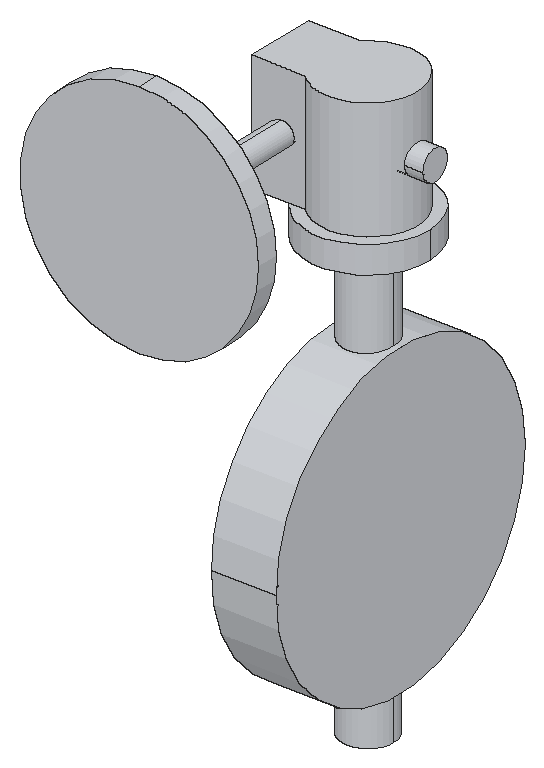
Revit family "HS497-68_disk-nerez_převodové kolo DN250-RFA_2019", category Pipe Accessories, Revit 2019
Family settings
  Round Connector Dimension = Use Diameter
  Part Type = Valve - Breaks Into
  Work Plane-Based = No
  Always vertical = Yes
  Cut with Voids When Loaded = No
  Shared = No
Parameters (values of type "HS 497-68_DN250_PN16_převodové kolo")
  magiProductId = "5ee9016806664ddfaa2632711f295c"
  magiProductFamilyId = "53cea81e6f374d17b8841d9c72ad77"
  magiPartTypeId = 305
  isMeasuringValve [instance] = no
  ang2D [instance] = 0.00°
  X11 = 88.77 mm
  X1 = 36.77 mm
  W2D = 1000 mm
  VersionID = "2.0/2017.9.26.1/ZETKAMA_497_001"
  Use Minimum Symbol Size [instance] = yes
  URL = "http://www.hydronic.cz"
  Type Comments = "mezipřírubová; nerezový disk; PN16; -10~+110°C (krátkodobě +120°C)"
  SW30 = yes
  SW3 = yes
  SW21 = no
  SW20 = no
  SW2 = no
  SW1 = no
  R = 125 mm
  QmdConnectorList = "301;D;302;D"
  Productdata [instance] = ""
  NC = 70 mm
  Manufacturer = "Hydronic Systems Prague s.r.o."
  MM20 = 36.77 mm
  MC Product Code = "126 250 (nerezový disk, s převodovým kolem; DN250; PN16, kvs4555)"
  M41 = 91.5 mm
  M4 = 61 mm
  LHL = 220 mm
  LHH3 = 2.45 mm
  LHH1 = 46.55 mm
  LH1 = 73.333 mm
  L4R__ve = -L4R  # -22.2 mm
  L4R = 22.2 mm
  L42__ve = -L42  # -166.5 mm
  L42 = 166.5 mm
  L41__ve = -L41  # -33.3 mm
  L41 = 33.3 mm
  L2D_Min = 3048 mm
  L2D = 216 mm
  L2 = 34 mm
  L1 = 54.4 mm
  L = 68 mm
  H = 23 mm
  G22 = 11.25 mm
  G2 = 22.5 mm
  G1 = 90 mm
  G = 130 mm
  F = 22 mm
  E44 = 62.5 mm
  E42 = 125 mm
  E4 = 250 mm
  E23 = 4.9 mm
  E22 = 19.6 mm
  E21 = 9.8 mm
  Description = "Mezipřírubová uzavírací klapka s převodovým kolem; nerezový disk, DN250; PN16; kvs4555"
  DR2 = 125 mm
  DR = 324 mm
  DD1 = 31.25 mm
  DD = 25 mm
  D = 250 mm
  CAT0 = yes
  B2__ve = -B2  # -85 mm
  B2 = 85 mm
  A2 = 28.25 mm
  A1 = 129.25 mm
Types (43, lengths in mm): name | magiProductId | X11 | X1 | Type Comments | SW30 | SW3 | SW20 | SW2 | SW1 | R | NC | Manufacturer | MM20 | MC Product Code | M41 | M4 | LHL | LHH3 | LHH1 | LH1 | L4R__ve | L4R | L42__ve | L42 | L41__ve | L41 | L2 | L1 | L | H | G | F | E44 | E42 | E4 | E23 | E22 | E21 | Description | DR2 | DR | DD1 | DD | D | B2__ve | B2 | A2 | A1
  HS 497-68_DN100_PN16_volné vřeteno | "65d1b245f4f142c78569c0602d5754" | 61.456 | 25.456 | "mezipřírubová; nerezový disk; PN16; -10~+110°C (krátkodobě +120°C)" | no | no | no | no | yes | 50 | 50 | "Hydronic Systems Prague s.r.o." | 25.456 | "124 100 (nerezový disk, s volným vřetenem; DN100; PN16, kvs512)" | 66 | 44 | 220 | 2.45 | 46.55 | 73.333 | -12.8 | 12.8 | -96 | 96 | -19.2 | 19.2 | 26 | 41.6 | 52 | 30 | 90 | 11 | 31.25 | 62.5 | 125 | 4.9 | 19.6 | 9.8 | "Mezipřírubová uzavírací klapka s volným vřetenem; nerezový disk, DN100; PN16; kvs512" | 50 | 147 | 15.625 | 12.5 | 100 | -56 | 56 | 16.5 | 98.5
  HS 497-68_DN100_PN16_převodové kolo | "11e91b807e674d428c8e796fcdcfe2" | 61.456 | 25.456 | "mezipřírubová; nerezový disk; PN16; -10~+110°C (krátkodobě +120°C)" | yes | yes | no | no | no | 50 | 50 | "Hydronic Systems Prague s.r.o." | 25.456 | "126 100 (nerezový disk, s převodovým kolem; DN100; PN16, kvs512)" | 65.25 | 43.5 | 220 | 2.45 | 46.55 | 73.333 | -12.8 | 12.8 | -96 | 96 | -19.2 | 19.2 | 26 | 41.6 | 52 | 30 | 90 | 11 | 31.25 | 62.5 | 125 | 4.9 | 19.6 | 9.8 | "Mezipřírubová uzavírací klapka s převodovým kolem; nerezový disk, DN100; PN16; kvs512" | 50 | 147 | 15.625 | 12.5 | 100 | -56 | 56 | 16.5 | 98.5
  HS 497-68_DN100_PN16_s pákou | "28172f0b3f4b47b28323ac71cf8749" | 61.456 | 25.456 | "mezipřírubová; nerezový disk; PN16; -10~+110°C (krátkodobě +120°C)" | no | no | yes | yes | no | 50 | 50 | "Hydronic Systems Prague s.r.o." | 25.456 | "121 100 (nerezový disk, s pákou; DN100; PN16, kvs512)" | 66 | 44 | 260 | 3 | 57 | 86.667 | -12.8 | 12.8 | -96 | 96 | -19.2 | 19.2 | 26 | 41.6 | 52 | 30 | 90 | 11 | 31.25 | 62.5 | 125 | 6 | 24 | 12 | "Mezipřírubová uzavírací klapka s pákou; nerezový disk, DN100; PN16; kvs512" | 50 | 147 | 15.625 | 12.5 | 100 | -56 | 56 | 16.5 | 98.5
  HS 497-68_DN125_PN16_volné vřeteno | "0d813d910fc14f628bb3c2efbd185c" | 61.456 | 25.456 | "mezipřírubová; nerezový disk; PN16; -10~+110°C (krátkodobě +120°C)" | no | no | no | no | yes | 62.5 | 50 | "Hydronic Systems Prague s.r.o." | 25.456 | "124 125 (nerezový disk, s volným vřetenem; DN125; PN16, kvs872)" | 66 | 44 | 220 | 2.45 | 46.55 | 73.333 | -12.8 | 12.8 | -96 | 96 | -19.2 | 19.2 | 28 | 44.8 | 56 | 33 | 90 | 14 | 31.25 | 62.5 | 125 | 4.9 | 19.6 | 9.8 | "Mezipřírubová uzavírací klapka s volným vřetenem; nerezový disk, DN125; PN16; kvs872" | 62.5 | 180 | 15.625 | 12.5 | 125 | -64 | 64 | 18 | 99.5
  HS 497-68_DN125_PN16_převodové kolo | "c56b7c13f372467684996fb1e0e229" | 61.456 | 25.456 | "mezipřírubová; nerezový disk; PN16; -10~+110°C (krátkodobě +120°C)" | yes | yes | no | no | no | 62.5 | 50 | "Hydronic Systems Prague s.r.o." | 25.456 | "126125 (nerezový disk, s převodovým kolem; DN125; PN16, kvs872)" | 65.25 | 43.5 | 220 | 2.45 | 46.55 | 73.333 | -13.5 | 13.5 | -101.25 | 101.25 | -20.25 | 20.25 | 28 | 44.8 | 56 | 33 | 90 | 14 | 40 | 80 | 160 | 4.9 | 19.6 | 9.8 | "Mezipřírubová uzavírací klapka s převodovým kolem; nerezový disk, DN125; PN16; kvs872" | 62.5 | 180 | 20 | 16 | 125 | -64 | 64 | 18 | 99.5
  HS 497-68_DN125_PN16_s pákou | "105993c79a91492399feef7931321a" | 61.456 | 25.456 | "mezipřírubová; nerezový disk; PN16; -10~+110°C (krátkodobě +120°C)" | no | no | yes | yes | no | 62.5 | 50 | "Hydronic Systems Prague s.r.o." | 25.456 | "121 125 (nerezový disk, s pákou; DN125; PN16, kvs872)" | 66 | 44 | 315 | 3.75 | 71.25 | 105 | -12.8 | 12.8 | -96 | 96 | -19.2 | 19.2 | 28 | 44.8 | 56 | 33 | 90 | 14 | 31.25 | 62.5 | 125 | 7.5 | 30 | 15 | "Mezipřírubová uzavírací klapka s pákou; nerezový disk, DN125; PN16; kvs872" | 62.5 | 180 | 15.625 | 12.5 | 125 | -64 | 64 | 18 | 99.5
  HS 497-68_DN150_PN16_volné vřeteno | "50c80cb8ab434f55ab7796e5ac1331" | 61.456 | 25.456 | "mezipřírubová; nerezový disk; PN16; -10~+110°C (krátkodobě +120°C)" | no | no | no | no | yes | 75 | 50 | "Hydronic Systems Prague s.r.o." | 25.456 | "124 150 (nerezový disk, s volným vřetenem; DN150; PN16, kvs1347)" | 66 | 44 | 220 | 2.45 | 46.55 | 73.333 | -12.8 | 12.8 | -96 | 96 | -19.2 | 19.2 | 28 | 44.8 | 56 | 33 | 90 | 14 | 31.25 | 62.5 | 125 | 4.9 | 19.6 | 9.8 | "Mezipřírubová uzavírací klapka s volným vřetenem; nerezový disk, DN150; PN16; kvs1347" | 75 | 206 | 15.625 | 12.5 | 150 | -58 | 58 | 19.3 | 98.7
  HS 497-68_DN150_PN16_převodové kolo | "d94a1a0cf83b476eb10011b327f709" | 61.456 | 25.456 | "mezipřírubová; nerezový disk; PN16; -10~+110°C (krátkodobě +120°C)" | yes | yes | no | no | no | 75 | 50 | "Hydronic Systems Prague s.r.o." | 25.456 | "126 150 (nerezový disk, s převodovým kolem; DN150; PN16, kvs1347)" | 65.25 | 43.5 | 220 | 2.45 | 46.55 | 73.333 | -13.5 | 13.5 | -101.25 | 101.25 | -20.25 | 20.25 | 28 | 44.8 | 56 | 33 | 90 | 14 | 40 | 80 | 160 | 4.9 | 19.6 | 9.8 | "Mezipřírubová uzavírací klapka s převodovým kolem; nerezový disk, DN150; PN16; kvs1347" | 75 | 206 | 20 | 16 | 150 | -58 | 58 | 19.3 | 98.7
  HS 497-68_DN150_PN16_s pákou | "4d2835523fe84828bc50ff0a5a0dfb" | 61.456 | 25.456 | "mezipřírubová; nerezový disk; PN16; -10~+110°C (krátkodobě +120°C)" | no | no | yes | yes | no | 75 | 50 | "Hydronic Systems Prague s.r.o." | 25.456 | "121 150 (nerezový disk, s pákou; DN150; PN16, kvs1347)" | 66 | 44 | 315 | 3.75 | 71.25 | 105 | -12.8 | 12.8 | -96 | 96 | -19.2 | 19.2 | 28 | 44.8 | 56 | 33 | 90 | 14 | 31.25 | 62.5 | 125 | 7.5 | 30 | 15 | "Mezipřírubová uzavírací klapka s pákou; nerezový disk, DN150; PN16; kvs1347" | 75 | 206 | 15.625 | 12.5 | 150 | -58 | 58 | 19.3 | 98.7
  HS 497-68_DN200_PN16_volné vřeteno | "5b29029eaeba47139ee1055a4b9201" | 61.456 | 25.456 | "mezipřírubová; nerezový disk; PN16; -10~+110°C (krátkodobě +120°C)" | no | no | no | no | yes | 100 | 50 | "Hydronic Systems Prague s.r.o." | 25.456 | "124 200 (nerezový disk, s volným vřetenem; DN200; PN16, kvs2675)" | 66 | 44 | 220 | 2.45 | 46.55 | 73.333 | -12.8 | 12.8 | -96 | 96 | -19.2 | 19.2 | 30 | 48 | 60 | 33 | 90 | 17 | 31.25 | 62.5 | 125 | 4.9 | 19.6 | 9.8 | "Mezipřírubová uzavírací klapka s volným vřetenem; nerezový disk, DN200; PN16; kvs2675" | 100 | 257 | 15.625 | 12.5 | 200 | -70 | 70 | 22.5 | 102.5
  HS 497-68_DN200_PN16_převodové kolo | "b2793cc1fcc44cf2a35062cd67c04f" | 61.456 | 25.456 | "mezipřírubová; nerezový disk; PN16; -10~+110°C (krátkodobě +120°C)" | yes | yes | no | no | no | 100 | 57 | "Hydronic Systems Prague s.r.o." | 25.456 | "126 200 (nerezový disk, s převodovým kolem; DN200; PN16, kvs2675)" | 78.75 | 52.5 | 220 | 2.45 | 46.55 | 73.333 | -15.2 | 15.2 | -114 | 114 | -22.8 | 22.8 | 30 | 48 | 60 | 33 | 90 | 17 | 50 | 100 | 200 | 4.9 | 19.6 | 9.8 | "Mezipřírubová uzavírací klapka s převodovým kolem; nerezový disk, DN200; PN16; kvs2675" | 100 | 257 | 25 | 20 | 200 | -70 | 70 | 22.5 | 102.5
  HS 497-68_DN200_PN16_s pákou | "f88d96c7af224537a51e72d7d8fffe" | 61.456 | 25.456 | "mezipřírubová; nerezový disk; PN16; -10~+110°C (krátkodobě +120°C)" | no | no | yes | yes | no | 100 | 50 | "Hydronic Systems Prague s.r.o." | 25.456 | "121 200 (nerezový disk, s pákou; DN200; PN16, kvs2675)" | 66 | 44 | 315 | 3.75 | 71.25 | 105 | -12.8 | 12.8 | -96 | 96 | -19.2 | 19.2 | 30 | 48 | 60 | 33 | 90 | 17 | 31.25 | 62.5 | 125 | 7.5 | 30 | 15 | "Mezipřírubová uzavírací klapka s pákou; nerezový disk, DN200; PN16; kvs2675" | 100 | 257 | 15.625 | 12.5 | 200 | -70 | 70 | 22.5 | 102.5
  HS 497-68_DN250_PN16_volné vřeteno | "b662e8305ca2402b9c510e66e6aa55" | 88.77 | 36.77 | "mezipřírubová; nerezový disk; PN16; -10~+110°C (krátkodobě +120°C)" | no | no | no | no | yes | 125 | 50 | "Hydronic Systems Prague s.r.o." | 36.77 | "124 250 (nerezový disk, s volným vřetenem; DN250; PN16, kvs4555)" | 66 | 44 | 220 | 2.45 | 46.55 | 73.333 | -12.8 | 12.8 | -96 | 96 | -19.2 | 19.2 | 34 | 54.4 | 68 | 23 | 130 | 22 | 31.25 | 62.5 | 125 | 4.9 | 19.6 | 9.8 | "Mezipřírubová uzavírací klapka s volným vřetenem; nerezový disk, DN250; PN16; kvs4555" | 125 | 324 | 15.625 | 12.5 | 250 | -85 | 85 | 28.25 | 129.25
  HS 497-68_DN250_PN16_převodové kolo | "5ee9016806664ddfaa2632711f295c" | 88.77 | 36.77 | "mezipřírubová; nerezový disk; PN16; -10~+110°C (krátkodobě +120°C)" | yes | yes | no | no | no | 125 | 70 | "Hydronic Systems Prague s.r.o." | 36.77 | "126 250 (nerezový disk, s převodovým kolem; DN250; PN16, kvs4555)" | 91.5 | 61 | 220 | 2.45 | 46.55 | 73.333 | -22.2 | 22.2 | -166.5 | 166.5 | -33.3 | 33.3 | 34 | 54.4 | 68 | 23 | 130 | 22 | 62.5 | 125 | 250 | 4.9 | 19.6 | 9.8 | "Mezipřírubová uzavírací klapka s převodovým kolem; nerezový disk, DN250; PN16; kvs4555" | 125 | 324 | 31.25 | 25 | 250 | -85 | 85 | 28.25 | 129.25
  HS 497-68_DN300_PN16_volné vřeteno | "e1886f51ff004380a649519258edf2" | 88.77 | 36.77 | "mezipřírubová; nerezový disk; PN16; -10~+110°C (krátkodobě +120°C)" | no | no | no | no | yes | 150 | 50 | "Hydronic Systems Prague s.r.o." | 36.77 | "124 300 (nerezový disk, s volným vřetenem; DN300; PN16, kvs7037)" | 66 | 44 | 220 | 2.45 | 46.55 | 73.333 | -12.8 | 12.8 | -96 | 96 | -19.2 | 19.2 | 39 | 62.4 | 78 | 23 | 130 | 22 | 31.25 | 62.5 | 125 | 4.9 | 19.6 | 9.8 | "Mezipřírubová uzavírací klapka s volným vřetenem; nerezový disk, DN300; PN16; kvs7037" | 150 | 376 | 15.625 | 12.5 | 300 | -90 | 90 | 30.8 | 127.2
  HS 497-68_DN300_PN16_převodové kolo | "6860f094f77d42088fbebc3c97f755" | 88.77 | 36.77 | "mezipřírubová; nerezový disk; PN16; -10~+110°C (krátkodobě +120°C)" | yes | yes | no | no | no | 150 | 70 | "Hydronic Systems Prague s.r.o." | 36.77 | "126 300 (nerezový disk, s převodovým kolem; DN300; PN16, kvs7037)" | 91.5 | 61 | 220 | 2.45 | 46.55 | 73.333 | -22.2 | 22.2 | -166.5 | 166.5 | -33.3 | 33.3 | 39 | 62.4 | 78 | 23 | 130 | 22 | 62.5 | 125 | 250 | 4.9 | 19.6 | 9.8 | "Mezipřírubová uzavírací klapka s převodovým kolem; nerezový disk, DN300; PN16; kvs7037" | 150 | 376 | 31.25 | 25 | 300 | -90 | 90 | 30.8 | 127.2
  HS 497-68_DN032_PN16_volné vřeteno | "8c5f65de52aa4067a77564107e31b2" | 61.456 | 25.456 | "mezipřírubová; nerezový disk; PN16; -10~+110°C (krátkodobě +120°C)" | no | no | no | no | yes | 16 | 50 | "Hydronic Systems Prague s.r.o." | 25.456 | "124 032 (nerezový disk, s volným vřetenem; DN32; PN16, kvs78)" | 66 | 44 | 220 | 2.45 | 46.55 | 73.333 | -12.8 | 12.8 | -96 | 96 | -19.2 | 19.2 | 16.5 | 26.4 | 33 | 30 | 90 | 11 | 31.25 | 62.5 | 125 | 4.9 | 19.6 | 9.8 | "Mezipřírubová uzavírací klapka s volným vřetenem; nerezový disk, DN32; PN16; kvs78" | 16 | 68 | 15.625 | 12.5 | 32 | -44.2 | 44.2 | 10.25 | 76.25
  HS 497-68_DN032_PN16_převodové kolo | "60aaeffa8b3a4e809ef000e4660060" | 61.456 | 25.456 | "mezipřírubová; nerezový disk; PN16; -10~+110°C (krátkodobě +120°C)" | yes | yes | no | no | no | 16 | 50 | "Hydronic Systems Prague s.r.o." | 25.456 | "126 032 (nerezový disk, s převodovým kolem; DN32; PN16, kvs78)" | 65.25 | 43.5 | 220 | 2.45 | 46.55 | 73.333 | -12.8 | 12.8 | -96 | 96 | -19.2 | 19.2 | 16.5 | 26.4 | 33 | 30 | 90 | 11 | 31.25 | 62.5 | 125 | 4.9 | 19.6 | 9.8 | "Mezipřírubová uzavírací klapka s převodovým kolem; nerezový disk, DN32; PN16; kvs78" | 16 | 68 | 15.625 | 12.5 | 32 | -44.2 | 44.2 | 10.25 | 76.25
  HS 497-68_DN032_PN16_s pákou | "9ad8088d610749a1b871aa2aad8007" | 61.456 | 25.456 | "mezipřírubová; nerezový disk; PN16; -10~+110°C (krátkodobě +120°C)" | no | no | yes | yes | no | 16 | 50 | "Hydronic Systems Prague s.r.o." | 25.456 | "121 032 (nerezový disk, s pákou; DN32; PN16, kvs78)" | 66 | 44 | 220 | 2.45 | 46.55 | 73.333 | -12.8 | 12.8 | -96 | 96 | -19.2 | 19.2 | 16.5 | 26.4 | 33 | 30 | 90 | 11 | 31.25 | 62.5 | 125 | 4.9 | 19.6 | 9.8 | "Mezipřírubová uzavírací klapka s pákou; nerezový disk, DN32; PN16; kvs78" | 16 | 68 | 15.625 | 12.5 | 32 | -44.2 | 44.2 | 10.25 | 76.25
  HS 497-68_DN350_PN10_volné vřeteno | "72a1e05f22944421b7e9596a877137" | 109.255 | 45.255 | "mezipřírubová; nerezový disk; PN10; -10~+110°C (krátkodobě +120°C)" | no | no | no | no | yes | 175 | 50 | "Hydronic Systems Prague s.r.o." | 45.255 | "124 350 (nerezový disk, s volným vřetenem; DN350; PN10, kvs10165)" | 66 | 44 | 220 | 2.45 | 46.55 | 73.333 | -12.8 | 12.8 | -96 | 96 | -19.2 | 19.2 | 39 | 62.4 | 78 | 31 | 160 | 22 | 31.25 | 62.5 | 125 | 4.9 | 19.6 | 9.8 | "Mezipřírubová uzavírací klapka s volným vřetenem; nerezový disk, DN350; PN10; kvs10165" | 175 | 430 | 15.625 | 12.5 | 350 | -88 | 88 | 33.85 | 129.65
  HS 497-68_DN350_PN10_převodové kolo | "a5a01426cb28494ba3afca92f1dace" | 109.255 | 45.255 | "mezipřírubová; nerezový disk; PN10; -10~+110°C (krátkodobě +120°C)" | yes | yes | no | no | no | 175 | 70 | "Hydronic Systems Prague s.r.o." | 45.255 | "126 350 (nerezový disk, s převodovým kolem; DN350; PN10, kvs10165)" | 91.5 | 61 | 220 | 2.45 | 46.55 | 73.333 | -22.2 | 22.2 | -166.5 | 166.5 | -33.3 | 33.3 | 39 | 62.4 | 78 | 31 | 160 | 22 | 62.5 | 125 | 250 | 4.9 | 19.6 | 9.8 | "Mezipřírubová uzavírací klapka s převodovým kolem; nerezový disk, DN350; PN10; kvs10165" | 175 | 430 | 31.25 | 25 | 350 | -88 | 88 | 33.85 | 129.65
  HS 497-68_DN400_PN10_volné vřeteno | "c70ebeb927c04ab99b176e257ad0a7" | 109.255 | 45.255 | "mezipřírubová; nerezový disk; PN10; -10~+110°C (krátkodobě +120°C)" | no | no | no | no | yes | 200 | 50 | "Hydronic Systems Prague s.r.o." | 45.255 | "124 400 (nerezový disk, s volným vřetenem; DN400; PN10, kvs13799)" | 66 | 44 | 220 | 2.45 | 46.55 | 73.333 | -12.8 | 12.8 | -96 | 96 | -19.2 | 19.2 | 51 | 81.6 | 102 | 31 | 160 | 27 | 31.25 | 62.5 | 125 | 4.9 | 19.6 | 9.8 | "Mezipřírubová uzavírací klapka s volným vřetenem; nerezový disk, DN400; PN10; kvs13799" | 200 | 485 | 15.625 | 12.5 | 400 | -108 | 108 | 38 | 142
  HS 497-68_DN400_PN10_převodové kolo | "cc64a4384dcb41b780d81810f4f293" | 109.255 | 45.255 | "mezipřírubová; nerezový disk; PN10; -10~+110°C (krátkodobě +120°C)" | yes | yes | no | no | no | 200 | 72.5 | "Hydronic Systems Prague s.r.o." | 45.255 | "126 400 (nerezový disk, s převodovým kolem; DN400; PN10, kvs13799)" | 103.5 | 69 | 220 | 2.45 | 46.55 | 73.333 | -27.8 | 27.8 | -208.5 | 208.5 | -41.7 | 41.7 | 51 | 81.6 | 102 | 31 | 160 | 27 | 75 | 150 | 300 | 4.9 | 19.6 | 9.8 | "Mezipřírubová uzavírací klapka s převodovým kolem; nerezový disk, DN400; PN10; kvs13799" | 200 | 485 | 37.5 | 30 | 400 | -108 | 108 | 38 | 142
  HS 497-68_DN040_PN16_volné vřeteno | "35f92312390745e88df5b5c325d9ee" | 61.456 | 25.456 | "mezipřírubová; nerezový disk; PN16; -10~+110°C (krátkodobě +120°C)" | no | no | no | no | yes | 20 | 50 | "Hydronic Systems Prague s.r.o." | 25.456 | "124 040 (nerezový disk, s volným vřetenem; DN40; PN16, kvs78)" | 66 | 44 | 220 | 2.45 | 46.55 | 73.333 | -12.8 | 12.8 | -96 | 96 | -19.2 | 19.2 | 16.5 | 26.4 | 33 | 30 | 90 | 11 | 31.25 | 62.5 | 125 | 4.9 | 19.6 | 9.8 | "Mezipřírubová uzavírací klapka s volným vřetenem; nerezový disk, DN40; PN16; kvs78" | 20 | 76 | 15.625 | 12.5 | 40 | -36 | 36 | 11 | 79
  HS 497-68_DN040_PN16_převodové kolo | "d88e968eae3445bc9b7b4e6ff35127" | 61.456 | 25.456 | "mezipřírubová; nerezový disk; PN16; -10~+110°C (krátkodobě +120°C)" | yes | yes | no | no | no | 20 | 50 | "Hydronic Systems Prague s.r.o." | 25.456 | "126 040 (nerezový disk, s převodovým kolem; DN40; PN16, kvs78)" | 65.25 | 43.5 | 220 | 2.45 | 46.55 | 73.333 | -12.8 | 12.8 | -96 | 96 | -19.2 | 19.2 | 16.5 | 26.4 | 33 | 30 | 90 | 11 | 31.25 | 62.5 | 125 | 4.9 | 19.6 | 9.8 | "Mezipřírubová uzavírací klapka s převodovým kolem; nerezový disk, DN40; PN16; kvs78" | 20 | 76 | 15.625 | 12.5 | 40 | -36 | 36 | 11 | 79
  HS 497-68_DN040_PN16_s pákou | "c1b522ca65b4407a98818f232eaacb" | 61.456 | 25.456 | "mezipřírubová; nerezový disk; PN16; -10~+110°C (krátkodobě +120°C)" | no | no | yes | yes | no | 20 | 50 | "Hydronic Systems Prague s.r.o." | 25.456 | "121 040 (nerezový disk, s pákou; DN40; PN16, kvs78)" | 66 | 44 | 220 | 2.45 | 46.55 | 73.333 | -12.8 | 12.8 | -96 | 96 | -19.2 | 19.2 | 16.5 | 26.4 | 33 | 30 | 90 | 11 | 31.25 | 62.5 | 125 | 4.9 | 19.6 | 9.8 | "Mezipřírubová uzavírací klapka s pákou; nerezový disk, DN40; PN16; kvs78" | 20 | 76 | 15.625 | 12.5 | 40 | -36 | 36 | 11 | 79
  HS 497-68_DN450_PN10_volné vřeteno | "a8358bc282f14872b3194e530e590a" | 129.74 | 53.74 | "mezipřírubová; nerezový disk; PN10; -10~+110°C (krátkodobě +120°C)" | no | no | no | no | yes | 225 | 50 | "Hydronic Systems Prague s.r.o." | 53.74 | "124 450 (nerezový disk, s volným vřetenem; DN450; PN10, kvs18514)" | 66 | 44 | 220 | 2.45 | 46.55 | 73.333 | -12.8 | 12.8 | -96 | 96 | -19.2 | 19.2 | 57 | 91.2 | 114 | 38 | 190 | 36 | 31.25 | 62.5 | 125 | 4.9 | 19.6 | 9.8 | "Mezipřírubová uzavírací klapka s volným vřetenem; nerezový, DN450; PN10; kvs18514" | 225 | 536 | 15.625 | 12.5 | 450 | -115 | 115 | 38.05 | 117.45
  HS 497-68_DN450_PN10_převodové kolo | "cdf2d80f54a9414f9cbe50647c0ebd" | 129.74 | 53.74 | "mezipřírubová; nerezový disk; PN10; -10~+110°C (krátkodobě +120°C)" | yes | yes | no | no | no | 225 | 91.5 | "Zetkama" | 53.74 | "126 450 (nerezový disk, s převodovým kolem; DN450; PN10, kvs18514)" | 144.75 | 96.5 | 220 | 2.45 | 46.55 | 73.333 | -32.1 | 32.1 | -240.75 | 240.75 | -48.15 | 48.15 | 57 | 91.2 | 114 | 38 | 190 | 36 | 100 | 200 | 400 | 4.9 | 19.6 | 9.8 | "Mezipřírubová uzavírací klapka s převodovým kolem; nerezový disk, DN450; PN10; kvs18514" | 225 | 536 | 50 | 40 | 450 | -115 | 115 | 38.05 | 117.45
  HS 497-68_DN500_PN10_volné vřeteno | "8c396e27bb2743f98f3c762b6517cd" | 143.397 | 59.397 | "mezipřírubová; nerezový disk; PN10; -10~+110°C (krátkodobě +120°C)" | no | no | no | no | yes | 250 | 50 | "Hydronic Systems Prague s.r.o." | 59.397 | "124 500 (nerezový disk, s volným vřetenem; DN500; PN10, kvs23805)" | 66 | 44 | 220 | 2.45 | 46.55 | 73.333 | -12.8 | 12.8 | -96 | 96 | -19.2 | 19.2 | 63.5 | 101.6 | 127 | 38 | 210 | 36 | 31.25 | 62.5 | 125 | 4.9 | 19.6 | 9.8 | "Mezipřírubová uzavírací klapka s volným vřetenem; nerezový disk, DN500; PN10; kvs23805" | 250 | 593 | 15.625 | 12.5 | 500 | -130 | 130 | 43.25 | 139.25
  HS 497-68_DN500_PN10_převodové kolo | "7647804f32e94cef828a7034a91a46" | 143.397 | 59.397 | "mezipřírubová; nerezový disk; PN10; -10~+110°C (krátkodobě +120°C)" | yes | yes | no | no | no | 250 | 91.5 | "Zetkama" | 59.397 | "126 500 (nerezový disk, s převodovým kolem; DN500; PN10, kvs23805)" | 144.75 | 96.5 | 220 | 2.45 | 46.55 | 73.333 | -32.1 | 32.1 | -240.75 | 240.75 | -48.15 | 48.15 | 63.5 | 101.6 | 127 | 38 | 210 | 36 | 100 | 200 | 400 | 4.9 | 19.6 | 9.8 | "Mezipřírubová uzavírací klapka s převodovým kolem; nerezový disk, DN500; PN10; kvs23805" | 250 | 593 | 50 | 40 | 500 | -130 | 130 | 43.25 | 139.25
  HS 497-68_DN050_volné vřeteno | "d71f296ecd6d4adf8f6e5d9853b4e0" | 61.456 | 25.456 | "mezipřírubová; nerezový disk; PN16; -10~+110°C (krátkodobě +120°C)" | no | no | no | no | yes | 25 | 50 | "Hydronic Systems Prague s.r.o." | 25.456 | "124 050 (nerezový disk, s volným vřetenem; DN50; PN16, kvs98)" | 66 | 44 | 220 | 2.45 | 46.55 | 73.333 | -12.8 | 12.8 | -96 | 96 | -19.2 | 19.2 | 21.5 | 34.4 | 43 | 30 | 90 | 11 | 31.25 | 62.5 | 125 | 4.9 | 19.6 | 9.8 | "Mezipřírubová uzavírací klapka s volným vřetenem; nerezový disk, DN50; PN16; kvs98" | 25 | 100 | 15.625 | 12.5 | 50 | -36.5 | 36.5 | 12 | 83
  HS 497-68_DN050_PN16_převodové kolo | "2fb080deeaed49c58418b94c1da5a4" | 61.456 | 25.456 | "mezipřírubová; nerezový disk; PN16; -10~+110°C (krátkodobě +120°C)" | yes | yes | no | no | no | 25 | 50 | "Hydronic Systems Prague s.r.o." | 25.456 | "126 050 (nerezový disk, s převodovým kolem; DN50; PN16, kvs98)" | 65.25 | 43.5 | 220 | 2.45 | 46.55 | 73.333 | -12.8 | 12.8 | -96 | 96 | -19.2 | 19.2 | 21.5 | 34.4 | 43 | 30 | 90 | 11 | 31.25 | 62.5 | 125 | 4.9 | 19.6 | 9.8 | "Mezipřírubová uzavírací klapka s převodovým kolem; nerezový disk, DN50; PN16; kvs98" | 25 | 100 | 15.625 | 12.5 | 50 | -36.5 | 36.5 | 12 | 83
  HS 497-68_DN050_PN16_s pákou | "dabc632061f94877a994b9b4e68112" | 61.456 | 25.456 | "mezipřírubová; nerezový disk; PN16; -10~+110°C (krátkodobě +120°C)" | no | no | yes | yes | no | 25 | 50 | "Hydronic Systems Prague s.r.o." | 25.456 | "121 050 (nerezový disk, s pákou; DN50; PN16, kvs98)" | 66 | 44 | 220 | 2.45 | 46.55 | 73.333 | -12.8 | 12.8 | -96 | 96 | -19.2 | 19.2 | 21.5 | 34.4 | 43 | 30 | 90 | 11 | 31.25 | 62.5 | 125 | 4.9 | 19.6 | 9.8 | "Mezipřírubová uzavírací klapka s pákou; nerezový disk, DN50; PN16; kvs98" | 25 | 100 | 15.625 | 12.5 | 50 | -36.5 | 36.5 | 12 | 83
  HS 497-68_DN600_PN10_volné vřeteno | "99d5892c14664fce81a7c5903f7711" | 143.397 | 59.397 | "mezipřírubová; nerezový disk; PN10; -10~+110°C (krátkodobě +120°C)" | no | no | no | no | yes | 300 | 50 | "Hydronic Systems Prague s.r.o." | 59.397 | "124 600 (nerezový disk, s volným vřetenem; DN600; PN10, kvs36778)" | 66 | 44 | 220 | 2.45 | 46.55 | 73.333 | -12.8 | 12.8 | -96 | 96 | -19.2 | 19.2 | 77 | 123.2 | 154 | 80 | 210 | 60 | 31.25 | 62.5 | 125 | 4.9 | 19.6 | 9.8 | "Mezipřírubová uzavírací klapka s volným vřetenem; nerezový disk, DN600; PN10; kvs36788" | 300 | 690 | 15.625 | 12.5 | 600 | -140 | 140 | 49.4 | 144.6
  HS 497-68_DN600_PN10_převodové kolo | "b1e26faab48a4c499f6bb11e7e3002" | 143.397 | 59.397 | "mezipřírubová; lnerezový disk; PN10; -10~+110°C (krátkodobě +120°C)" | yes | yes | no | no | no | 300 | 140 | "Hydronic Systems Prague s.r.o." | 59.397 | "126 600 (nerezový disk, s převodovým kolem; DN600; PN10, kvs36778)" | 206.25 | 137.5 | 220 | 2.45 | 46.55 | 73.333 | -40.8 | 40.8 | -306 | 306 | -61.2 | 61.2 | 77 | 123.2 | 154 | 80 | 210 | 60 | 125 | 250 | 500 | 4.9 | 19.6 | 9.8 | "Mezipřírubová uzavírací klapka s převodovým kolem; nerezový disk, DN600; PN10; kvs36788" | 300 | 690 | 62.5 | 50 | 600 | -140 | 140 | 49.4 | 144.6
  HS 497-68_DN065_PN16_volné vřeteno | "5e5e208646e34ec29f889baab5d08e" | 61.456 | 25.456 | "mezipřírubová; lnerezový disk; PN16; -10~+110°C (krátkodobě +120°C)" | no | no | no | no | yes | 32.5 | 50 | "Hydronic Systems Prague s.r.o." | 25.456 | "124 065 (nerezový disk, s volným vřetenem; DN65; PN16, kvs167)" | 66 | 44 | 220 | 2.45 | 46.55 | 73.333 | -12.8 | 12.8 | -96 | 96 | -19.2 | 19.2 | 23 | 36.8 | 46 | 30 | 90 | 11 | 31.25 | 62.5 | 125 | 4.9 | 19.6 | 9.8 | "Mezipřírubová uzavírací klapka s volným vřetenem; nerezový disk, DN65; PN16; kv167" | 32.5 | 108 | 15.625 | 12.5 | 65 | -36.5 | 36.5 | 13.5 | 89
  HS 497-68_DN065_PN16_převodové kolo | "654d74c8d15540b0bfe523d988ccb3" | 61.456 | 25.456 | "mezipřírubová; nerezový disk; PN16; -10~+110°C (krátkodobě +120°C)" | yes | yes | no | no | no | 32.5 | 50 | "Hydronic Systems Prague s.r.o." | 25.456 | "126 065 (nerezový disk, s převodovým kolem; DN65; PN16, kvs167)" | 65.25 | 43.5 | 220 | 2.45 | 46.55 | 73.333 | -12.8 | 12.8 | -96 | 96 | -19.2 | 19.2 | 23 | 36.8 | 46 | 30 | 90 | 11 | 31.25 | 62.5 | 125 | 4.9 | 19.6 | 9.8 | "Mezipřírubová uzavírací klapka s převodovým kolem; nerezový disk, DN65; PN16; kvs167" | 32.5 | 108 | 15.625 | 12.5 | 65 | -36.5 | 36.5 | 13.5 | 89
  HS 497-68_DN065_PN16_s pákou | "ebeb4b59db0641caaf6d6635ab37b9" | 61.456 | 25.456 | "mezipřírubová; nerezový disk; PN16; -10~+110°C (krátkodobě +120°C)" | no | no | yes | yes | no | 32.5 | 50 | "Hydronic Systems Prague s.r.o." | 25.456 | "121 065 (nerezový disk, s pákou; DN65; PN16, kvs167)" | 66 | 44 | 220 | 2.45 | 46.55 | 73.333 | -12.8 | 12.8 | -96 | 96 | -19.2 | 19.2 | 23 | 36.8 | 46 | 30 | 90 | 11 | 31.25 | 62.5 | 125 | 4.9 | 19.6 | 9.8 | "Mezipřírubová uzavírací klapka s pákou; nerezový disk, DN65; PN16; kvs167" | 32.5 | 108 | 15.625 | 12.5 | 65 | -36.5 | 36.5 | 13.5 | 89
  HS 497-68_DN080_PN16_volné vřeteno | "9e85c75c18654e1185a9c48ed6b00e" | 61.456 | 25.456 | "mezipřírubová; nerezový disk; PN16; -10~+110°C (krátkodobě +120°C)" | no | no | no | no | yes | 40 | 50 | "Hydronic Systems Prague s.r.o." | 25.456 | "124 080 (nerezový disk, s volným vřetenem; DN80; PN16, kvs258)" | 66 | 44 | 220 | 2.45 | 46.55 | 73.333 | -12.8 | 12.8 | -96 | 96 | -19.2 | 19.2 | 23 | 36.8 | 46 | 30 | 90 | 11 | 31.25 | 62.5 | 125 | 4.9 | 19.6 | 9.8 | "Mezipřírubová uzavírací klapka s volným vřetenem; nerezový disk, DN80; PN16; kvs258" | 40 | 124 | 15.625 | 12.5 | 80 | -54 | 54 | 14.1 | 86.9
  HS 497-68_DN080_PN16_převodové kolo | "5b3c8238c3d041e68c75b199e7ea46" | 61.456 | 25.456 | "mezipřírubová; nerezový disk; PN16; -10~+110°C (krátkodobě +120°C)" | yes | yes | no | no | no | 40 | 50 | "Hydronic Systems Prague s.r.o." | 25.456 | "126 080 (nerezový disk, s převodovým kolem; DN80; PN16, kvs258)" | 65.25 | 43.5 | 220 | 2.45 | 46.55 | 73.333 | -12.8 | 12.8 | -96 | 96 | -19.2 | 19.2 | 23 | 36.8 | 46 | 30 | 90 | 11 | 31.25 | 62.5 | 125 | 4.9 | 19.6 | 9.8 | "Mezipřírubová uzavírací klapka s převodovým kolem; nerezový disk, DN80; PN16; kvs258" | 40 | 124 | 15.625 | 12.5 | 80 | -54 | 54 | 14.1 | 86.9
  HS 497-68_DN080_PN16_s pákou | "e414795fab0f4eccb99bc3572c5477" | 61.456 | 25.456 | "mezipřírubová; nerezový disk; PN16; -10~+110°C (krátkodobě +120°C)" | no | no | yes | yes | no | 40 | 50 | "Hydronic Systems Prague s.r.o." | 25.456 | "121 080 (nerezový disk, s pákou; DN80; PN16, kvs258)" | 66 | 44 | 260 | 3 | 57 | 86.667 | -12.8 | 12.8 | -96 | 96 | -19.2 | 19.2 | 23 | 36.8 | 46 | 30 | 90 | 11 | 31.25 | 62.5 | 125 | 6 | 24 | 12 | "Mezipřírubová uzavírací klapka s pákou; nerezový disk, DN80; PN16; kvs258" | 40 | 124 | 15.625 | 12.5 | 80 | -54 | 54 | 14.1 | 86.9
  HS 497-68_DN250_PN16_s pákou | "" | 88.77 | 36.77 | "mezipřírubová; nerezový disk; PN16; -10~+110°C (krátkodobě +120°C)" | no | no | yes | yes | no | 125 | 70 | "Hydronic Systems Prague s.r.o." | 36.77 | "121 250 (nerezový disk, s ákou; DN250; PN16, kvs4555)" | 91.5 | 61 | 220 | 2.45 | 46.55 | 73.333 | -22.2 | 22.2 | -166.5 | 166.5 | -33.3 | 33.3 | 34 | 54.4 | 68 | 23 | 130 | 22 | 62.5 | 125 | 250 | 4.9 | 19.6 | 9.8 | "Mezipřírubová uzavírací klapka s pákou; nerezový disk, DN250; PN16; kvs4555" | 125 | 324 | 31.25 | 25 | 250 | -85 | 85 | 28.25 | 129.25
  HS 497-68_DN300_PN16_s pákou | "" | 88.77 | 36.77 | "mezipřírubová; nerezový disk; PN16; -10~+110°C (krátkodobě +120°C)" | no | no | yes | yes | no | 150 | 70 | "Hydronic Systems Prague s.r.o." | 36.77 | "121 300 (nerezový disk, s pákou; DN300; PN16, kvs7037)" | 91.5 | 61 | 220 | 2.45 | 46.55 | 73.333 | -22.2 | 22.2 | -166.5 | 166.5 | -33.3 | 33.3 | 39 | 62.4 | 78 | 23 | 130 | 22 | 62.5 | 125 | 250 | 4.9 | 19.6 | 9.8 | "Mezipřírubová uzavírací klapka s pákou; nerezový disk, DN300; PN16; kvs7037" | 150 | 376 | 31.25 | 25 | 300 | -90 | 90 | 30.8 | 127.2
Reference planes
  plane 1 "Center (Front/Back)": y = 0
  plane 2 "XYPLANE": z = 0
  plane 3 "Center (Left/Right)": x = 0
  plane 4 "473": x = -36.77
  plane 5 "472": x = -91.5
  plane 6 "471": y = -36.77
  plane 7 "470": y = 36.77
  plane 8 "469": x = -61
  plane 9 "468": y = -199.8
  plane 10 "467": y = -166.5
  plane 11 "466": z = 345
  plane 12 "465": z = 329.05
  plane 13 "464": y = 145.417
  plane 14 "463": z = 319.25
  plane 15 "462": z = 302.1
  plane 16 "461": z = 311.9
  plane 17 "460": y = 72.083
  plane 18 "459": x = -11.25
  plane 19 "458": x = 11.25
  plane 20 "457": y = -6.25
  plane 21 "456": x = -17.5
  plane 22 "455": x = 17.5
  plane 23 "454": z = 316.8
  plane 24 "453": y = 62.083
  plane 25 "452": y = -11.25
  plane 26 "451": x = -22.5
  plane 27 "450": x = 22.5
  plane 28 "449": z = 297.2
  plane 29 "448": z = 292.3
  plane 30 "447": z = -125
  plane 31 "446": z = 282.5
  plane 32 "445": z = 254.25
  plane 33 "444": z = 125
  plane 34 "443": x = 34
  plane 35 "442": x = -34
  plane 36 "441": z = 0
  plane 37 "440": y = 0
  plane 38 "439": x = 0
  plane 39 "438": z = 331.5
  plane 40 "437": z = 316.8
  plane 41 "436": x = 13.7
  plane 42 "435": x = -13.7
  plane 43 "434": y = 220
Forms (mm)
  Extrusion 1, solid, visible <- "SW3"
    sketch origin (-750, 0, 282.5) x (1, 0, 0) y (0, 1, 0)
      loop
        line (658.5, 36.77) -> (658.5, -36.77) -> (713.23, -36.77)
        arc (713.23, -36.77) -> (802, 0) -> (713.23, 36.77) r 52
        line (713.23, 36.77) -> (658.5, 36.77)
    from 0 to 125 <- "E42"
  Extrusion 2, solid, visible <- "SW30"
    sketch origin (0, -750, 0) x (0, 1, 0) y (0, 0, 1)
      loop
        circle (750, 345) r 15.625
    from 0 to 70 <- "NC"
  Extrusion 3, solid, visible <- "SW30"
    sketch origin (750, -199.8, 0) x (-1, 0, 0) y (0, 0, 1)
      loop
        circle (811, 345) r 125
    from 0 to -22.2 <- "L4R__ve"
  Extrusion 4, solid, visible <- "SW3"
    sketch origin (750, -166.5, 0) x (-1, 0, 0) y (0, 0, 1)
      loop
        circle (811, 345) r 15.625
    from 0 to -33.3 <- "L41__ve"
  Extrusion 5, solid, visible <- "SW30"
    sketch origin (750, 0, 0) x (-1, 0, 0) y (0, 0, 1)
      loop
        circle (811, 345) r 12.5
    from 0 to -166.5 <- "L42__ve"
  Blend 6, solid, visible <- "SW21"
    base sketch origin (750, 72.083, 0) x (-1, 0, 0) y (0, 0, 1)
      loop
        line (761.25, 311.9) -> (738.75, 311.9) -> (738.75, 302.1) -> (761.25, 302.1) -> (761.25, 311.9)
    top sketch origin (750, 72.083, 0) x (-1, 0, 0) y (0, 0, 1)
      loop
        line (761.25, 329.05) -> (738.75, 329.05) -> (738.75, 319.25) -> (761.25, 319.25) -> (761.25, 329.05)
    from 0 to 73.333
  Blend 7, solid, visible <- "SW21"
    base sketch origin (750, 62.083, 0) x (-1, 0, 0) y (0, 0, 1)
      loop
        line (761.25, 316.8) -> (738.75, 316.8) -> (738.75, 297.2) -> (761.25, 297.2) -> (761.25, 316.8)
    top sketch origin (750, 62.083, 0) x (-1, 0, 0) y (0, 0, 1)
      loop
        line (761.25, 311.9) -> (738.75, 311.9) -> (738.75, 302.1) -> (761.25, 302.1) -> (761.25, 311.9)
    from 0 to 10
  Blend 8, solid, visible <- "SW21"
    base sketch origin (-750, 0, 297.2) x (1, 0, 0) y (0, 1, 0)
      loop
        line (772.5, 62.083) -> (727.5, 62.083) -> (727.5, -11.25)
        arc (727.5, -11.25) -> (750, -31.25) -> (772.5, -11.25) r 22.656
        line (772.5, -11.25) -> (772.5, 62.083)
    top sketch origin (-750, 0, 297.2) x (1, 0, 0) y (0, 1, 0)
      loop
        line (767.5, 62.083) -> (732.5, 62.083) -> (732.5, -6.25)
        arc (732.5, -6.25) -> (750, -26.25) -> (767.5, -6.25) r 17.656
        line (767.5, -6.25) -> (767.5, 62.083)
    from 0 to 19.6
  Extrusion 9, solid, visible <- "SW2"
    sketch origin (-750, 0, 292.3) x (1, 0, 0) y (0, 1, 0)
      loop
        circle (750, 0) r 11.25
    from 0 to 4.9 <- "E23"
  Extrusion 10, solid, visible <- "SW2"
    sketch origin (-750, 0, 282.5) x (1, 0, 0) y (0, 1, 0)
      loop
        circle (750, 0) r 45
    from 0 to 9.8 <- "E21"
  Extrusion 11, solid, visible <- "CAT0"
    sketch origin (-750, 0, -125) x (1, 0, 0) y (0, 1, 0)
      loop
        circle (750, 0) r 27.2
    from 0 to -85 <- "B2__ve"
  Extrusion 12, solid, visible <- "CAT0"
    sketch origin (-750, 0, 254.25) x (1, 0, 0) y (0, 1, 0)
      loop
        circle (750, 0) r 65
    from 0 to 28.25 <- "A2"
  Extrusion 13, solid, visible <- "CAT0"
    sketch origin (-750, 0, 125) x (1, 0, 0) y (0, 1, 0)
      loop
        circle (750, 0) r 27.2
    from 0 to 129.25 <- "A1"
  Extrusion 14, solid, visible <- "CAT0"
    sketch origin (-34, -750, 0) x (0, 1, 0) y (0, 0, 1)
      loop
        circle (750, 0) r 162
    from 0 to 68 <- "L"
  Extrusion 15, solid, visible <- "SW1"
    sketch origin (-750, 0, 282.5) x (1, 0, 0) y (0, 1, 0)
      loop
        line (761, 11) -> (739, 11) -> (739, -11) -> (761, -11) -> (761, 11)
    from 0 to 23 <- "H"
  Blend 16, solid, visible <- "SW2"
    base sketch origin (750, 145.417, 0) x (-1, 0, 0) y (0, 0, 1)
      loop
        arc (763.7, 326.5) -> (762.236, 330.036) -> (758.7, 331.5) r 5
        line (758.7, 331.5) -> (741.3, 331.5)
        arc (741.3, 331.5) -> (737.764, 330.036) -> (736.3, 326.5) r 5
        line (736.3, 326.5) -> (736.3, 321.8)
        arc (736.3, 321.8) -> (737.764, 318.264) -> (741.3, 316.8) r 5
        line (741.3, 316.8) -> (758.7, 316.8)
        arc (758.7, 316.8) -> (762.236, 318.264) -> (763.7, 321.8) r 5
        line (763.7, 321.8) -> (763.7, 326.5)
    top sketch origin (750, 145.417, 0) x (-1, 0, 0) y (0, 0, 1)
      loop
        arc (763.7, 326.5) -> (762.236, 330.036) -> (758.7, 331.5) r 5
        line (758.7, 331.5) -> (741.3, 331.5)
        arc (741.3, 331.5) -> (737.764, 330.036) -> (736.3, 326.5) r 5
        line (736.3, 326.5) -> (736.3, 321.8)
        arc (736.3, 321.8) -> (737.764, 318.264) -> (741.3, 316.8) r 5
        line (741.3, 316.8) -> (758.7, 316.8)
        arc (758.7, 316.8) -> (762.236, 318.264) -> (763.7, 321.8) r 5
        line (763.7, 321.8) -> (763.7, 326.5)
    from 0 to 74.583
  Blend 17, solid, visible <- "SW20"
    base sketch origin (750, 145.417, 0) x (-1, 0, 0) y (0, 0, 1)
      loop
        line (763.7, 331.5) -> (736.3, 331.5) -> (736.3, 316.8) -> (763.7, 316.8) -> (763.7, 331.5)
    top sketch origin (750, 145.417, 0) x (-1, 0, 0) y (0, 0, 1)
      loop
        line (761.25, 316.8) -> (738.75, 316.8) -> (738.75, 297.2) -> (761.25, 297.2) -> (761.25, 316.8)
    from 0 to -83.333
  Extrusion 18, solid, visible <- "SW20"
    sketch origin (-750, 0, 297.2) x (1, 0, 0) y (0, 1, 0)
      loop
        line (772.5, 62.083) -> (727.5, 62.083) -> (727.5, -11.25)
        arc (727.5, -11.25) -> (750, -31.25) -> (772.5, -11.25) r 22.656
        line (772.5, -11.25) -> (772.5, 62.083)
    from 0 to 19.6 <- "E22"
  Extrusion 19, solid, not visible
    sketch origin (-34, -750, 0) x (0, 1, 0) y (0, 0, 1)
      loop
        circle (750, 0) r 10
    from 0 to 10
  Extrusion 20, solid, not visible
    sketch origin (34, -750, 0) x (0, 1, 0) y (0, 0, 1)
      loop
        circle (750, 0) r 10
    from 0 to -10
Lines and regions (mm)
  reference lines, not visible
    curve 1: circle (2, 2, 0) r 1 normal (0, 0, 1)
  reference lines
    curve 2: line (-36.77, -36.77, 282.5) -> (-36.77, 36.77, 282.5)
    curve 3: line (-17.5, -6.25, 297.2) -> (17.5, -6.25, 297.2)
    curve 4: line (-22.5, -11.25, 297.2) -> (22.5, -11.25, 297.2)
    curve 5: circle (0, 0, 282.5) r 1 normal (0, 0, 1)
    curve 6: line (-22.5, -11.25, 297.2) -> (22.5, -11.25, 297.2)
Dimensions and locks
  plane 1 "Center (Front/Back)" to curve 1 = 2 mm
  "X1": plane 3 "Center (Left/Right)" to plane 4 "473"
  "M41": plane 3 "Center (Left/Right)" to plane 5 "472"
  "MM20": plane 1 "Center (Front/Back)" to plane 6 "471"
  "MM20": plane 1 "Center (Front/Back)" to plane 7 "470"
  "M4": plane 3 "Center (Left/Right)" to plane 8 "469"
  "L41": plane 10 "467" to plane 9 "468"
  "L42": plane 1 "Center (Front/Back)" to plane 10 "467"
  "E44": plane 31 "446" to plane 11 "466"
  "LHH1": plane 31 "446" to plane 12 "465"
  "LH1": plane 17 "460" to plane 13 "464"
  "E21": plane 12 "465" to plane 14 "463"
  "E21": plane 16 "461" to plane 15 "462"
  "E23": plane 23 "454" to plane 16 "461"
  locked: plane 24 "453" to plane 17 "460" at 10
  "G22": plane 3 "Center (Left/Right)" to plane 18 "459"
  "G22": plane 3 "Center (Left/Right)" to plane 19 "458"
  locked: plane 25 "452" to plane 20 "457" at 5
  locked: plane 26 "451" to plane 21 "456" at 5
  locked: plane 27 "450" to plane 22 "455" at 5
  "E22": plane 28 "449" to plane 23 "454"
  "LH1": plane 25 "452" to plane 24 "453"
  "G22": plane 1 "Center (Front/Back)" to plane 25 "452"
  "G2": plane 3 "Center (Left/Right)" to plane 26 "451"
  "G2": plane 3 "Center (Left/Right)" to plane 27 "450"
  "E23": plane 29 "448" to plane 28 "449"
  "E21": plane 31 "446" to plane 29 "448"
  "R": plane 2 "XYPLANE" to plane 30 "447"
  "A2": plane 32 "445" to plane 31 "446"
  "A1": plane 33 "444" to plane 32 "445"
  "DR2": plane 2 "XYPLANE" to plane 33 "444"
  "L2": plane 3 "Center (Left/Right)" to plane 34 "443"
  "L2": plane 3 "Center (Left/Right)" to plane 35 "442"
  locked: plane 2 "XYPLANE" to plane 36 "441"
  locked: plane 1 "Center (Front/Back)" to plane 37 "440"
  locked: plane 3 "Center (Left/Right)" to plane 38 "439"
  "LHH3": plane 12 "465" to plane 39 "438"
  "LHH3": plane 14 "463" to plane 40 "437"
  "LHH3": plane 19 "458" to plane 41 "436"
  "LHH3": plane 18 "459" to plane 42 "435"
  "LHL": plane 1 "Center (Front/Back)" to plane 43 "434"
  "X11": curve 2 to Extrusion 1 sketch curve
  Extrusion 1 sketch curve to Extrusion 1 sketch curve = 0 mm  (x8)
  Blend 6 sketch curve to Blend 6 sketch curve = 0 mm  (x16)
  Blend 7 sketch curve to Blend 7 sketch curve = 0 mm  (x16)
  Blend 8 sketch curve to Blend 8 sketch curve = 0 mm  (x16)
  equal spacing: Extrusion 15 sketch curve, curve 5, Extrusion 15 sketch curve  (x2)
  "F": Extrusion 15 sketch curve to Extrusion 15 sketch curve  (x2)
  Blend 16 sketch curve to Blend 16 sketch curve = 0 mm  (x32)
  Blend 17 sketch curve to Blend 17 sketch curve = 0 mm  (x16)
  Extrusion 18 sketch curve to Extrusion 18 sketch curve = 0 mm  (x8)
  "DD1": diameter of Extrusion 2 sketch curve
  "E4": diameter of Extrusion 3 sketch curve
  "DD1": diameter of Extrusion 4 sketch curve
  "DD": diameter of Extrusion 5 sketch curve
  "G2": diameter of Extrusion 9 sketch curve
  "G1": diameter of Extrusion 10 sketch curve
  "L1": diameter of Extrusion 11 sketch curve
  "G": diameter of Extrusion 12 sketch curve
  "L1": diameter of Extrusion 13 sketch curve
  "DR": diameter of Extrusion 14 sketch curve
  radius of Blend 16 sketch curve = 5 mm  (x8)
  aligned and locked: level to plane 2 "XYPLANE"
  aligned and locked: Extrusion 1 sketch curve to plane 5 "472"
  aligned and locked: plane 7 "470" to Extrusion 1 sketch curve
  aligned and locked: plane 6 "471" to Extrusion 1 sketch curve
  aligned and locked: plane 5 "472" to Extrusion 1 sketch curve
  aligned and locked: plane 4 "473" to Extrusion 1 sketch curve  (x2)
  aligned and locked: plane 4 "473" to curve 2
  aligned and locked: plane 6 "471" to curve 2
  aligned and locked: plane 7 "470" to curve 2
  aligned and locked: Extrusion 1 sketch curve to plane 7 "470"
  aligned and locked: plane 11 "466" to Extrusion 2 sketch curve
  aligned and locked: plane 37 "440" to Extrusion 2 sketch curve
  aligned and locked: plane 8 "469" to Extrusion 3 sketch curve
  aligned and locked: plane 11 "466" to Extrusion 3 sketch curve
  aligned and locked: plane 8 "469" to Extrusion 4 sketch curve
  aligned and locked: plane 11 "466" to Extrusion 4 sketch curve
  aligned and locked: plane 8 "469" to Extrusion 5 sketch curve
  aligned and locked: plane 11 "466" to Extrusion 5 sketch curve
  aligned and locked: plane 12 "465" to Blend 6 sketch curve  (x2)
  aligned and locked: plane 18 "459" to Blend 6 sketch curve  (x4)
  aligned and locked: plane 19 "458" to Blend 6 sketch curve  (x4)
  aligned and locked: plane 14 "463" to Blend 6 sketch curve  (x2)
  aligned and locked: plane 16 "461" to Blend 6 sketch curve  (x2)
  aligned and locked: plane 15 "462" to Blend 6 sketch curve  (x2)
  aligned and locked: plane 13 "464" to Blend 6
  aligned and locked: plane 16 "461" to Blend 7 sketch curve  (x2)
  aligned and locked: plane 18 "459" to Blend 7 sketch curve  (x4)
  aligned and locked: plane 19 "458" to Blend 7 sketch curve  (x4)
  aligned and locked: plane 15 "462" to Blend 7 sketch curve  (x2)
  aligned and locked: plane 23 "454" to Blend 7 sketch curve  (x2)
  aligned and locked: plane 28 "449" to Blend 7 sketch curve  (x2)
  aligned and locked: plane 17 "460" to Blend 7
  aligned and locked: plane 24 "453" to Blend 8 sketch curve  (x4)
  aligned and locked: plane 22 "455" to Blend 8 sketch curve  (x2)
  aligned and locked: plane 21 "456" to Blend 8 sketch curve
  aligned and locked: plane 20 "457" to Blend 8 sketch curve  (x2)
  aligned and locked: curve 3 to plane 20 "457"
  aligned and locked: plane 21 "456" to curve 3
  aligned and locked: plane 22 "455" to curve 3
  aligned and locked: plane 27 "450" to Blend 8 sketch curve  (x2)
  aligned and locked: plane 26 "451" to Blend 8 sketch curve
  aligned and locked: plane 25 "452" to Blend 8 sketch curve  (x2)
  aligned and locked: curve 4 to plane 25 "452"
  aligned and locked: plane 26 "451" to curve 4
  aligned and locked: plane 27 "450" to curve 4
  aligned and locked: plane 23 "454" to Blend 8
  aligned and locked: plane 37 "440" to Extrusion 9 sketch curve
  aligned and locked: plane 38 "439" to Extrusion 9 sketch curve
  aligned and locked: plane 37 "440" to Extrusion 10 sketch curve
  aligned and locked: plane 38 "439" to Extrusion 10 sketch curve
  aligned and locked: plane 37 "440" to Extrusion 11 sketch curve
  aligned and locked: plane 38 "439" to Extrusion 11 sketch curve
  aligned and locked: plane 37 "440" to Extrusion 12 sketch curve
  aligned and locked: plane 38 "439" to Extrusion 12 sketch curve
  aligned and locked: plane 37 "440" to Extrusion 13 sketch curve
  aligned and locked: plane 38 "439" to Extrusion 13 sketch curve
  aligned and locked: plane 36 "441" to Extrusion 14 sketch curve
  aligned and locked: Extrusion 14 sketch curve to plane 37 "440"
  aligned and locked: plane 37 "440" to curve 5
  aligned and locked: plane 38 "439" to curve 5
  aligned and locked: plane 39 "438" to Blend 16 sketch curve  (x2)
  aligned and locked: plane 41 "436" to Blend 16 sketch curve  (x2)
  aligned and locked: Blend 16 sketch curve to plane 40 "437"  (x2)
  aligned and locked: Blend 16 sketch curve to plane 42 "435"  (x2)
  aligned and locked: plane 43 "434" to Blend 16
  aligned and locked: plane 23 "454" to Blend 17 sketch curve  (x2)
  aligned and locked: plane 18 "459" to Blend 17 sketch curve  (x2)
  aligned and locked: plane 19 "458" to Blend 17 sketch curve  (x2)
  aligned and locked: plane 28 "449" to Blend 17 sketch curve  (x2)
  aligned and locked: plane 39 "438" to Blend 17 sketch curve  (x2)
  aligned and locked: plane 42 "435" to Blend 17 sketch curve  (x2)
  aligned and locked: plane 41 "436" to Blend 17 sketch curve  (x2)
  aligned and locked: plane 40 "437" to Blend 17 sketch curve  (x2)
  aligned and locked: Blend 17 to plane 24 "453"
  aligned and locked: plane 24 "453" to Extrusion 18 sketch curve  (x2)
  aligned and locked: plane 27 "450" to Extrusion 18 sketch curve  (x2)
  aligned and locked: plane 26 "451" to Extrusion 18 sketch curve
  aligned and locked: plane 25 "452" to Extrusion 18 sketch curve  (x2)
  aligned and locked: curve 6 to plane 25 "452"
  aligned and locked: plane 26 "451" to curve 6
  aligned and locked: plane 27 "450" to curve 6
  aligned and locked: plane 36 "441" to Extrusion 19 sketch curve
  aligned and locked: Extrusion 19 sketch curve to plane 37 "440"
  aligned and locked: plane 36 "441" to Extrusion 20 sketch curve
  aligned and locked: Extrusion 20 sketch curve to plane 37 "440"
Automatic sketch dimensions
  Blend 8 sketch curve to plane 20 "457" = 2.344 mm  (x2)
  Extrusion 18 sketch curve to plane 20 "457" = 2.344 mm
  plane 25 "452" to Extrusion 19 sketch curve = 1.25 mm
  plane 25 "452" to Extrusion 20 sketch curve = 1.25 mm
  plane 3 "Center (Left/Right)" to curve 1 = 2 mm
  Extrusion 15 sketch curve to plane 3 "Center (Left/Right)" = 11 mm
  Extrusion 15 sketch curve to plane 20 "457" = 4.75 mm
  radius of curve 5 = 1 mm
  radius of curve 1 = 1 mm
Connectors
  piping at (-34, 0, 0), diameter 250, driven by "D"
    settings: on Extrusion 19, index 1, connector inside diameter 609.6 mm, connector length 0 mm, flow factor 0, pipe flow 0.0 L/s, pressure drop 0.0 Pa, fitting loss kfactor 0, connector angle 0.00°, fixture units 0, engagement length 0 mm, angle of deflection 0.00°, flow configuration 0, flow direction 0, fitting loss method 0, system type 29, joint type 0, gender type 0, connector reference index 2, connector utility 0, adjustable connector no, is connector primary yes, connector description ""
  piping at (34, 0, 0), diameter 250, driven by "D"
    settings: on Extrusion 20, index 2, connector inside diameter 609.6 mm, connector length 0 mm, flow factor 0, pipe flow 0.0 L/s, pressure drop 0.0 Pa, fitting loss kfactor 0, connector angle 0.00°, fixture units 0, engagement length 0 mm, angle of deflection 0.00°, flow configuration 0, flow direction 0, fitting loss method 0, system type 29, joint type 0, gender type 0, connector reference index 1, connector utility 0, adjustable connector no, is connector primary no, connector description ""
